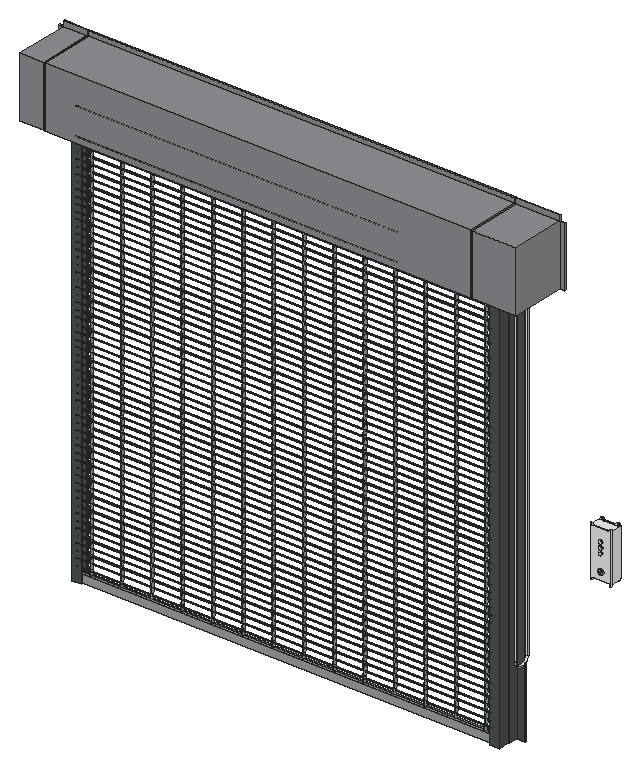
Revit family "Doors_Industrial_Overhead-Door-Corporation_EverServe-Springless-Security-Grilles-671S_", category Specialty Equipment, host Wall, Revit 2019
Family settings
  Host = Wall
  Round Connector Dimension = Use Diameter
  Part Type = Normal
  OmniClass Number = 23.30.10.21.34
  OmniClass Title = Industrial Doors
  Always vertical = Yes
  Cut with Voids When Loaded = Yes
  Shared = No
  Room Calculation Point = No
Parameters (values of type "208 volts, one phase, 60 Hz (208-240V range)")
  Warning Sign [instance] = if(Calculated Area > 683.00 SF, 1 = 1, 1 = 2)  # no
  Warning (Note) [instance] = if(Warning Sign, "The Door Area is out of the limit; please adjust accordingly. The maximum allowed area is 683 sq. ft.", if(Opening Height > 360", "Headroom Clearance Dimensions - out of the limits. Consult Factory", " "))  # " "
  Wall Thickness [instance] = 6"
  Voltage = 208 V
  True Opening Width [instance] = Clear Width  # 120"
  True Opening Height [instance] = Clear Height  # 120"
  Curtain Option [instance] = 1
  Slat Length [instance] = Clear Width + G Value * 2 - 1" / 2 * 2  # 126"
  Slat Height [instance] = 8"  # constant formula
  Curtain Option Real [instance] = if(Curtain Option < 2, 1, 2)  # 1
  Product Page URL = "https://www.overheaddoor.com/springless-security-grilles-671s"
  Power Factor = 1
  Powder Coat (Note) = "PowderGuard® Premium powder coat finish options are available in approximately 200 colors as well as custom matching to specification. PowderGuard® Textured finish, a thicker, more scratch resistant coat, is available in 11 colors providing enhanced scratch resistance as well as aiding in hiding the dirt and blemishes that often occur in commercial environments.​"  # constant formula
  Opening Width Real [instance] = if(Opening Width > Max Opening Width, Max Opening Width, if(Opening Width < Min Opening Width, Min Opening Width, Opening Width))  # 120"
  Opening Width [instance] = 120"
  Opening Height Real [instance] = if(Opening Height > Max Opening Height, Max Opening Height, if(Opening Height < Min Opening Height, Min Opening Height, Opening Height))  # 120"
  Opening Height [instance] = 120"
  One Array element [instance] = not(Array Vis)  # no
  Number of Poles = 1
  Motor Position [instance] = M Value - G Value  # 2 3/4"
  Min Opening Width [instance] = 18"  # constant formula
  Min Opening Height [instance] = 24"  # constant formula
  Max Opening Width [instance] = 360"  # constant formula
  Max Opening Height [instance] = 172"  # constant formula
  M Value [instance] = if(or(Opening Width < 108", Opening Width = 108"), 5 3/4", if(or(Opening Width < 180", Opening Width = 180"), 6 1/4", if(or(Opening Width < 240", Opening Width = 240"), 7 1/4", 9 1/4")))  # 6 1/4"
  Installation Real [instance] = Wall Thickness  # 6"
  Hood Type [instance] = "Square Hood"  # constant formula
  Hood Offset [instance] = 4"  # constant formula
  Hood Material [instance] = Metal - Overhead Door - Gray
  Hood Height [instance] = A Value + 2"  # 18"
  Headroom Height Real [instance] = Hood Offset + Hood Height  # 22"
  Headroom Height [instance] = Headroom Height Real + 1 1/2"  # 23 1/2"
  Guide Type [instance] = "Angled Z Guide"  # constant formula
  Guid Depth [instance] = D Value  # 6 1/4"
  G Value [instance] = if(or(Opening Width < 108", Opening Width = 108"), 3", if(or(Opening Width < 180", Opening Width = 180"), 3 1/2", if(or(Opening Width < 240", Opening Width = 240"), 4", 5 9/16")))  # 3 1/2"
  Frequency = 60 Hz
  Face of Wall Offset [instance] = 5"  # constant formula
  Door Width True [instance] = Clear Width + M Value * 2  # 132 1/2"
  Door Width (Real) [instance] = Clear Width + 1"  # 121"
  Door Height True [instance] = Clear Width + Headroom Height  # 143 1/2"
  Door Height (Real) [instance] = Clear Height + Hood Offset  # 124"
  URL = "https://www.overheaddoor.com/"
  Product data url = "https://www.bimobject.com/overhead-door/product/springless-security-grilles-671s"
  Product Guid = "0afe8b5e-bed1-4084-885f-62fec23f1598"
  Model = "671S"  # constant formula
  Manufacturer = "Overhead Door Corporation"  # constant formula
  Wall Closure = By host
  Floor To (CL) of Shaft [instance] = Clear Height + Hood Height / 2 + Hood Offset  # 133"
  Finish Material = Finish - Overhead Door - Black
  Description = "Everserve Model 671S Springless Grille"  # constant formula
  D Value [instance] = if(or(Opening Width < 108", Opening Width = 108"), 5 11/16", if(or(Opening Width < 180", Opening Width = 180"), 6 1/4", if(or(Opening Width < 240", Opening Width = 240"), 6 3/16", 7 1/16")))  # 6 1/4"
  Curtain Type [instance] = if(Curtain Option < 2, "Lattice", "Brick")  # "Lattice"
  Curtain Material Type [instance] = 671S : Aluminum
  Curtain Material 2 [instance] = 671S : Stainless Steel
  Curtain Material 1 [instance] = 671S : Aluminum
  Clear Width [instance] = Opening Width Real  # 120"
  Clear Height [instance] = Opening Height Real  # 120"
  Current = 20 A
  Bottom Bar Selection [instance] = if(Curtain Material Type = Curtain Material 1, 1, 2)  # 1
  Backroom Depth [instance] = A Value + 1/2"  # 16 1/2"
  BJ Displacement Real [instance] = 0"  # constant formula
  Array Vis [instance] = if(Array < 2, 1 = 2, 1 = 1)  # yes
  Array Real [instance] = if(Array < 2, 2, Array)  # 16
  Array Length [instance] = (Array) * Slat Height  # 128"
  Array [instance] = rounddown(([Door Height (Real)] - 3") / Slat Height) + 1  # 16
  Calculated Area [instance] = [Door Width (Real)] * [Door Height (Real)]  # 104.194 SF
  Apparent Load Phase 3 = if(Number of Poles = 1, 0 VA, (Voltage * Current * sqrt(3)) / 3)  # 0 VA
  Apparent Load Phase 2 = if(Number of Poles = 1, 0 VA, (Voltage * Current * sqrt(3)) / 3)  # 0 VA
  Apparent Load Phase 1 = if(Number of Poles = 1, Voltage * Current, (Voltage * Current * sqrt(3)) / 3)  # 4160 VA
  A Value [instance] = if(or(Clear Height < 72", Clear Height = 72"), 14", if(or(Clear Height < 120", Clear Height = 120"), 16", 18"))  # 16"
Reference planes (in)
  plane 1 "Center (Front/Back)": y = -14.625
  plane 2 "Center (Left/Right)": x = 0
  plane 3 "Left": x = -60
  plane 4 "Right": x = 60
  plane 5 "Exterior": y = -8.625
  plane 6 "Interior": y = -14.625
  plane 7: x = 66.25
  plane 8: x = -66.25
  plane 9: z = 120
  plane 10 "Main": y = -20.125
  plane 11 "Backroom Depth": y = -32.125
  plane 12 "Main Door Block": y = -15.625
  plane 13 "Bottom Bar": z = 2.75
  plane 14: y = -20.875
  plane 15: z = 130.75
  plane 16: z = 142
  plane 17: z = 124
  plane 18: z = 143.5
  plane 19: z = 0
  plane 20: z = 60
  plane 21: y = -20.03125
  plane 22: y = 18.375
  plane 23: y = -41.625
  plane 24 "Headroom Top": z = 143.5
  plane 25: z = 133
  plane 26: x = 63.5
  plane 27: x = -63.5
  plane 28: z = 122.75
  plane 29: z = 2.75
  plane 30: y = -20.125
  plane 31: z = 122.75
  plane 32: y = -20.125
  plane 33: z = 10.75
  plane 34: y = -20.125
  plane 35: z = 18.75
  plane 36: y = -20.125
  plane 37: z = 26.75
  plane 38: y = -20.125
  plane 39: z = 34.75
  plane 40: y = -20.125
  plane 41: z = 42.75
  plane 42: y = -20.125
  plane 43: z = 50.75
  plane 44: y = -20.125
  plane 45: z = 58.75
  plane 46: y = -20.125
  plane 47: z = 66.75
  plane 48: y = -20.125
  plane 49: z = 74.75
  plane 50: y = -20.125
  plane 51: z = 82.75
  plane 52: y = -20.125
  plane 53: z = 90.75
  plane 54: y = -20.125
  plane 55: z = 98.75
  plane 56: y = -20.125
  plane 57: z = 106.75
  plane 58: y = -20.125
  plane 59: z = 114.75
  plane 60: y = -20.125
Forms (in)
  Extrusion 1, void
    sketch origin (0, -15.625, 0) x (0, 0, -1) y (-1, 0, 0)
      loop
        line (-120, 60) -> (-120, -60) -> (0, -60) -> (0, 60) -> (-120, 60)
    from 1 to 7
Text (in)
  text "Exterior" at (-74.96733, 27.31104, 0), in view "Ref. Level"
  text "Interior" at (-74.96733, -25.14366, 0), in view "Ref. Level"
  text "Exterior" at (0, 40.15149, 123.01588), in view "Right"
  text "Interior" at (0, -64.39139, 123.01588), in view "Right"
  text "Interior" at (0, -31.01599, 123.00693), in view "Left"
  text "Exterior" at (0, 54.57065, 123.00693), in view "Left"
Dimensions and locks (in)
  equal spacing: plane 3 "Left", plane 2 "Center (Left/Right)", plane 4 "Right"
  "Clear Width": plane 3 "Left" to plane 4 "Right"
  level to host wall = 459.59655"
  "Clear Height": level to plane 9
  plane 7 to plane 8 = 132 1/2"
  equal spacing: plane 7, plane 2 "Center (Left/Right)", plane 8
  locked: plane 13 "Bottom Bar" to level at 2.75
  "Door Width True": plane 7 to plane 8
  "Array Length": plane 15 to plane 13 "Bottom Bar"
  "Backroom Depth": plane 11 "Backroom Depth" to plane 12 "Main Door Block"
  "Hood Height": plane 16 to plane 17
  locked: plane 18 to plane 16 at 1.5
  "Installation Real": plane 1 "Center (Front/Back)" to plane 5 "Exterior"
  "Wall Thickness": host wall to host wall
  equal spacing: plane 9, plane 20, plane 19
  equal spacing: plane 22, host wall, plane 23
  locked: plane 22 to plane 23 at 60
  "Hood Offset": plane 17 to plane 9
  "Headroom Height": plane 24 "Headroom Top" to plane 9
  "Floor To (CL) of Shaft": plane 25 to level
  "Motor Position": plane 7 to plane 26
  "Motor Position": plane 27 to plane 8
  "Guid Depth": plane 14 to plane 1 "Center (Front/Back)"
  "Slat Height": plane 15 to plane 28
  equal spacing: group 2, group 16, group 15, group 14, group 13, group 12, group 11, group 10, group 9, group 8, group 7, group 6, group 5, group 4, group 3, group 1  (x2)
  equal spacing: group 1, group 3, group 4, group 5, group 6, group 7, group 8, group 9, group 10, group 11, group 12, group 13, group 14, group 15, group 16, group 2
  locked: plane 14 to plane 10 "Main" at 0.75
  locked: plane 14 to plane 21 at 0.84375
  aligned and locked: plane 5 "Exterior" to host wall
  aligned and locked: host wall to plane 6 "Interior"
  aligned and locked: level to Extrusion 1 sketch curve
  aligned and locked: Extrusion 1 to plane 5 "Exterior"
  aligned and locked: plane 6 "Interior" to Extrusion 1
  aligned and locked: nested 1 to plane 2 "Center (Left/Right)"
  aligned and locked: nested 1 to level
  aligned and locked: level to plane 19
  aligned and locked: nested 1 to plane 1 "Center (Front/Back)"
  aligned and locked: plane 2 "Center (Left/Right)" to nested 2
  aligned and locked: nested 2 to plane 22
  aligned and locked: plane 23 to nested 3
  aligned and locked: nested 3 to plane 2 "Center (Left/Right)"
  aligned and locked: nested 4 to plane 20
  aligned and locked: plane 2 "Center (Left/Right)" to nested 4
  aligned and locked: nested 4 to plane 21
  aligned and locked: plane 4 "Right" to Extrusion 1 sketch curve
  aligned and locked: plane 3 "Left" to Extrusion 1 sketch curve
  aligned and locked: Extrusion 1 sketch curve to plane 9
  aligned and locked: plane 13 "Bottom Bar" to plane 29
  aligned and locked: plane 30 to plane 10 "Main"
  aligned and locked: plane 32 to plane 10 "Main"
  aligned and locked: plane 28 to plane 31
Nested families (in)
  nested 1: "Lifts" at (0, -14.625, 0), type "Frame Unit"
    with Square Hood yes, Round Hood no, Right Motor Position yes, Octagon Hood no, No Hood no
  nested 2: "Label Annotation 1" at (0, 18.375, 0), visible <- "Warning Sign", type "Label Annotation 1"
  nested 3: "Label Annotation 1" at (0, -41.625, 0) x (-1, 0, 0) z (0, 0, 1), visible <- "Warning Sign", type "Label Annotation 1"
  nested 4: "Warning Sign" at (0, -20.03125, 60), visible <- "Warning Sign", type "Warning Sign"
    with Warning Sign no
  nested 5: "671S" at (0, -20.125, 2.75), type <- "Curtain Material Type", Opening Width <- "Slat Length", Slat Option <- "Curtain Option Real", type "Aluminum"
    with Step H 9", Slat Option 1, SetBack 2", Second Rod Position 1.38", Overall Height 8.38", Opening Width 126", Lattice yes, First Rod Position 1", Brick End yes, Brick no, Array Visibility yes, Array Real 13, Array Length 117.16", Array 13, 1 Element Visibility no
  nested 6: "671S" at (0, -20.125, 122.75), type <- "Curtain Material Type", Opening Width <- "Slat Length", Slat Option <- "Curtain Option Real", type "Aluminum"
    with Step H 9", Slat Option 1, SetBack 2", Second Rod Position 1.38", Overall Height 8.38", Opening Width 126", Lattice yes, First Rod Position 1", Brick End yes, Brick no, Array Visibility yes, Array Real 13, Array Length 117.16", Array 13, 1 Element Visibility no
  nested 7: "671S" at (0, -20.125, 10.75), type <- "Curtain Material Type", Opening Width <- "Slat Length", Slat Option <- "Curtain Option Real", type "Aluminum"
    with Step H 9", Slat Option 1, SetBack 2", Second Rod Position 1.38", Overall Height 8.38", Opening Width 126", Lattice yes, First Rod Position 1", Brick End yes, Brick no, Array Visibility yes, Array Real 13, Array Length 117.16", Array 13, 1 Element Visibility no
  nested 8: "671S" at (0, -20.125, 18.75), type <- "Curtain Material Type", Opening Width <- "Slat Length", Slat Option <- "Curtain Option Real", type "Aluminum"
    with Step H 9", Slat Option 1, SetBack 2", Second Rod Position 1.38", Overall Height 8.38", Opening Width 126", Lattice yes, First Rod Position 1", Brick End yes, Brick no, Array Visibility yes, Array Real 13, Array Length 117.16", Array 13, 1 Element Visibility no
  nested 9: "671S" at (0, -20.125, 26.75), type <- "Curtain Material Type", Opening Width <- "Slat Length", Slat Option <- "Curtain Option Real", type "Aluminum"
    with Step H 9", Slat Option 1, SetBack 2", Second Rod Position 1.38", Overall Height 8.38", Opening Width 126", Lattice yes, First Rod Position 1", Brick End yes, Brick no, Array Visibility yes, Array Real 13, Array Length 117.16", Array 13, 1 Element Visibility no
  nested 10: "671S" at (0, -20.125, 34.75), type <- "Curtain Material Type", Opening Width <- "Slat Length", Slat Option <- "Curtain Option Real", type "Aluminum"
    with Step H 9", Slat Option 1, SetBack 2", Second Rod Position 1.38", Overall Height 8.38", Opening Width 126", Lattice yes, First Rod Position 1", Brick End yes, Brick no, Array Visibility yes, Array Real 13, Array Length 117.16", Array 13, 1 Element Visibility no
  nested 11: "671S" at (0, -20.125, 42.75), type <- "Curtain Material Type", Opening Width <- "Slat Length", Slat Option <- "Curtain Option Real", type "Aluminum"
    with Step H 9", Slat Option 1, SetBack 2", Second Rod Position 1.38", Overall Height 8.38", Opening Width 126", Lattice yes, First Rod Position 1", Brick End yes, Brick no, Array Visibility yes, Array Real 13, Array Length 117.16", Array 13, 1 Element Visibility no
  nested 12: "671S" at (0, -20.125, 50.75), type <- "Curtain Material Type", Opening Width <- "Slat Length", Slat Option <- "Curtain Option Real", type "Aluminum"
    with Step H 9", Slat Option 1, SetBack 2", Second Rod Position 1.38", Overall Height 8.38", Opening Width 126", Lattice yes, First Rod Position 1", Brick End yes, Brick no, Array Visibility yes, Array Real 13, Array Length 117.16", Array 13, 1 Element Visibility no
  nested 13: "671S" at (0, -20.125, 58.75), type <- "Curtain Material Type", Opening Width <- "Slat Length", Slat Option <- "Curtain Option Real", type "Aluminum"
    with Step H 9", Slat Option 1, SetBack 2", Second Rod Position 1.38", Overall Height 8.38", Opening Width 126", Lattice yes, First Rod Position 1", Brick End yes, Brick no, Array Visibility yes, Array Real 13, Array Length 117.16", Array 13, 1 Element Visibility no
  nested 14: "671S" at (0, -20.125, 66.75), type <- "Curtain Material Type", Opening Width <- "Slat Length", Slat Option <- "Curtain Option Real", type "Aluminum"
    with Step H 9", Slat Option 1, SetBack 2", Second Rod Position 1.38", Overall Height 8.38", Opening Width 126", Lattice yes, First Rod Position 1", Brick End yes, Brick no, Array Visibility yes, Array Real 13, Array Length 117.16", Array 13, 1 Element Visibility no
  nested 15: "671S" at (0, -20.125, 74.75), type <- "Curtain Material Type", Opening Width <- "Slat Length", Slat Option <- "Curtain Option Real", type "Aluminum"
    with Step H 9", Slat Option 1, SetBack 2", Second Rod Position 1.38", Overall Height 8.38", Opening Width 126", Lattice yes, First Rod Position 1", Brick End yes, Brick no, Array Visibility yes, Array Real 13, Array Length 117.16", Array 13, 1 Element Visibility no
  nested 16: "671S" at (0, -20.125, 82.75), type <- "Curtain Material Type", Opening Width <- "Slat Length", Slat Option <- "Curtain Option Real", type "Aluminum"
    with Step H 9", Slat Option 1, SetBack 2", Second Rod Position 1.38", Overall Height 8.38", Opening Width 126", Lattice yes, First Rod Position 1", Brick End yes, Brick no, Array Visibility yes, Array Real 13, Array Length 117.16", Array 13, 1 Element Visibility no
  nested 17: "671S" at (0, -20.125, 90.75), type <- "Curtain Material Type", Opening Width <- "Slat Length", Slat Option <- "Curtain Option Real", type "Aluminum"
    with Step H 9", Slat Option 1, SetBack 2", Second Rod Position 1.38", Overall Height 8.38", Opening Width 126", Lattice yes, First Rod Position 1", Brick End yes, Brick no, Array Visibility yes, Array Real 13, Array Length 117.16", Array 13, 1 Element Visibility no
  nested 18: "671S" at (0, -20.125, 98.75), type <- "Curtain Material Type", Opening Width <- "Slat Length", Slat Option <- "Curtain Option Real", type "Aluminum"
    with Step H 9", Slat Option 1, SetBack 2", Second Rod Position 1.38", Overall Height 8.38", Opening Width 126", Lattice yes, First Rod Position 1", Brick End yes, Brick no, Array Visibility yes, Array Real 13, Array Length 117.16", Array 13, 1 Element Visibility no
  nested 19: "671S" at (0, -20.125, 106.75), type <- "Curtain Material Type", Opening Width <- "Slat Length", Slat Option <- "Curtain Option Real", type "Aluminum"
    with Step H 9", Slat Option 1, SetBack 2", Second Rod Position 1.38", Overall Height 8.38", Opening Width 126", Lattice yes, First Rod Position 1", Brick End yes, Brick no, Array Visibility yes, Array Real 13, Array Length 117.16", Array 13, 1 Element Visibility no
  nested 20: "671S" at (0, -20.125, 114.75), type <- "Curtain Material Type", Opening Width <- "Slat Length", Slat Option <- "Curtain Option Real", type "Aluminum"
    with Step H 9", Slat Option 1, SetBack 2", Second Rod Position 1.38", Overall Height 8.38", Opening Width 126", Lattice yes, First Rod Position 1", Brick End yes, Brick no, Array Visibility yes, Array Real 13, Array Length 117.16", Array 13, 1 Element Visibility no
Connectors (in)
  electrical at (91.25, -17.915, 60), driven by "Apparent Load Phase 1", driven by "Apparent Load Phase 2", driven by "Apparent Load Phase 3", driven by "Power Factor", driven by "Voltage", driven by "Number of Poles"
    settings: on nested 1, index 1, voltage 208 V, apparent load 0 VA, apparent load phase1 4160 VA, apparent load phase2 0 VA, apparent load phase3 0 VA, power factor 1, load classification "Other", number of poles 1, system type 31, power factor state 1, is connector primary yes, connector utility no, sub classification motor no, connector description "Electrical Connector"
Definition of nested family "Lifts"
  Parameters (values of type "Frame Unit")
    True Width = if(Between Jambs, Opening Width, Opening Width + 1/2")  # 120 1/2"
    Square Hood [instance] = if(Hood Option = 2, 1 = 1, 1 = 2)  # yes
    Slat Material2 = none
    Slat Material1 = none
    Slat 2 = not(Slat 1)  # no
    Slat 1 = BB V = 1  # yes
    Round Hood [instance] = if(Hood Option > 3, 1 = 1, 1 = 2)  # no
    Rough Width = 0"
    Rough Height = 0"
    Right Motor Position [instance] = yes
    Octagon Hood [instance] = if(Hood Option = 3, 1 = 1, 1 = 2)  # no
    No Hood [instance] = if(Hood Option < 2, 1 = 1, 1 = 2)  # no
    M Value = 6 1/4"
    Hood Type = if(Hood Option < 2, "No Hood", if(Hood Option = 2, "Square Hood", if(Hood Option = 3, "Octagon Hood", "Round Hood")))  # "Square Hood"
    Hood Option = 2
    Hood Offset = 4"
    Hood Height = Headroom Height Real - Hood Offset  # 18"
    Headroom Height Real = Headroom Height  # 22"
    Half Hood Height = Headroom Height - Hood Offset  # 18"
    G Value = 3 1/2"
    E Guide Width = if(Between Jambs, Guide Offset - G Value + BJ Connection Length - BJ Displacement * 2 / 3, 3")  # 3"
    E Guide Height = 3"  # constant formula
    Z Guide = 1 = 1  # yes
    Shaft Offset = if(Hood Height < Header Width, (Header Width - (Header Width - Hood Height)) / 2, Header Width / 2)  # 8 1/4"
    Shaft Length 2 = 18"  # constant formula
    Shaft Length 1 = 12"  # constant formula
    Setback = if(Between Jambs, 0", 1/2")  # 1/2"
    Opening Width = 120"
    Hood Material = none
    Headroom Height = 22"
    Header Width = 16 1/2"
    Opening Height = 120"
    Guide Type = if(Between Jambs, "Angled Between Jambs Z Guide", if(Guide Option > 1, "Angled Z Guide", "Angled E Guide"))  # "Angled Z Guide"
    Guide Option = if(Between Jambs, 1, 2)  # 2
    Guide Offset = BJ Displacement + G Value  # 3 1/2"
    Guide Z Wide = if(Between Jambs, Guide Offset - G Value + BJ Connection Length - BJ Displacement * 2 / 3, M Value - G Value)  # 2 3/4"
    Guide Z Height = 3"  # constant formula
    Floor To (CL) of Shaft = 133"
    Finish Material = none
    Face to Wall Mount = not(Between Jambs)  # yes
    E Guide = if(Between Jambs, 1 = 1, 1 = 2)  # no
    D Value = 6 1/4"
    Chain offset = if(Opening Height < 35", Opening Height - 5", 30")  # 30"
    Between Jambs = no
    BJ Position = if(Between Jambs, 1/4", 0")  # 0"
    BJ Displacement = 0"
    BJ Connection Length = 1 / 3 * BJ Displacement  # 0"
    BB V = 1
    Angled Guide = 1 = 1  # yes
    Additional Elements Material = none
    1 = 14.57"  # constant formula
  Reference planes (in)
    plane 1 "Center (Front/Back)": y = 0
    plane 2: z = 0
    plane 3 "Center (Left/Right)": x = 0
    plane 4 "Opening Height": z = 120
    plane 5: x = -72
    plane 6: x = 78
    plane 7: z = 142
    plane 8: y = 16.5
    plane 9 "Real Opening 2": x = -60
    plane 10 "Real Opening 1": x = 60
    plane 11: z = 124
    plane 12 "Main": y = 0
    plane 13: z = 133
    plane 14: x = 63.5
    plane 15: x = -63.5
    plane 16: x = -63.5
    plane 17: x = 63.5
    plane 18: y = 6.25
    plane 19: x = -63.25
    plane 20: x = 63.25
    plane 21: z = 143.5
    plane 22: y = 6.25
    plane 23: y = 5.125
    plane 24: y = 6.25
    plane 25: y = 5.125
    plane 26: y = 0.25
    plane 27: z = 124
    plane 28: z = 30
    plane 29: z = 0
    plane 30: x = 74
    plane 31: x = 91.25
    plane 32: z = 60
    plane 33: x = 88.2
    plane 34: x = 94.3
    plane 35: y = 3.54
    plane 36: x = 76.25
    plane 37: x = -70.25
    plane 38: y = 6.25
    plane 39: y = 5.125
    plane 40: y = 6.25
    plane 41: y = 5.125
  Forms (in)
    Extrusion 1, solid, material <- "Slat Material1", visible <- "Slat 1"
      sketch origin (0, 0, 0) x (0, 1, 0) y (0, 0, 1)
        loop
          line (5.4375, 2.375) -> (5.4375, 2.75) -> (4.8125, 2.75) -> (4.8125, 2.375) -> (5.4375, 2.375)
      from -63.25 to 63.25
    Extrusion 2, solid, material <- "Slat Material1", visible <- "Slat 1"
      sketch origin (0, 0, 0) x (0, 1, 0) y (0, 0, 1)
        loop
          line (5.4375, 2.375) -> (4.8125, 2.375) -> (4.8125, 0) -> (5.4375, 0) -> (5.4375, 2.375)
      from -63.25 to 63.25
    Extrusion 3, solid, material <- "Additional Elements Material"
      sketch origin (0, -5.35201, 0) x (0, 1, 0) y (0, 0, 1)
        loop
          circle (13.60201, 133) r 0.6
      from -70.25 to 76.25
    Extrusion 4, solid, material <- "Hood Material", visible <- "Square Hood"
      sketch origin (0, 0, 0) x (0, 1, 0) y (0, 0, 1)
        loop
          line (0, 124) -> (16.5, 124) -> (16.5, 143.5) -> (0, 143.5) -> (0, 124)
      from -63.25 to 63.25
    Extrusion 5, solid, material <- "Finish Material", visible <- "E Guide"
      sketch origin (0, 0, 0) x (1, 0, 0) y (0, 1, 0)
        loop
          line (60.5, 0) -> (63.5, 0) -> (63.5, 3) -> (63.4375, 3)
          arc (63.4375, 3) -> (63.30492, 2.94508) -> (63.25, 2.8125) r 0.1875
          line (63.25, 2.8125) -> (63.25, 0.25) -> (60.6875, 0.25)
          arc (60.6875, 0.25) -> (60.55492, 0.19508) -> (60.5, 0.0625) r 0.1875
          line (60.5, 0.0625) -> (60.5, 0)
        loop
          line (-60.5, 0) -> (-60.5, 0.0625)
          arc (-60.5, 0.0625) -> (-60.55492, 0.19508) -> (-60.6875, 0.25) r 0.1875
          line (-60.6875, 0.25) -> (-63.25, 0.25) -> (-63.25, 2.8125)
          arc (-63.25, 2.8125) -> (-63.30492, 2.94508) -> (-63.4375, 3) r 0.1875
          line (-63.4375, 3) -> (-63.5, 3) -> (-63.5, 0) -> (-60.5, 0)
      from 0 to 124
    Extrusion 6, solid, material <- "Finish Material", visible <- "Z Guide"
      sketch origin (0, 0, 0) x (1, 0, 0) y (0, 1, 0)
        loop
          line (66.25, 0) -> (66.25, 0.062)
          arc (66.25, 0.062) -> (66.19494, 0.19494) -> (66.062, 0.25) r 0.188
          line (66.062, 0.25) -> (63.75, 0.25) -> (63.75, 2.812)
          arc (63.75, 2.812) -> (63.69494, 2.94494) -> (63.562, 3) r 0.188
          line (63.562, 3) -> (63.5, 3) -> (63.5, 0) -> (66.25, 0)
        loop
          line (-66.25, 0) -> (-63.5, 0) -> (-63.5, 3) -> (-63.562, 3)
          arc (-63.562, 3) -> (-63.69494, 2.94494) -> (-63.75, 2.812) r 0.188
          line (-63.75, 2.812) -> (-63.75, 0.25) -> (-66.062, 0.25)
          arc (-66.062, 0.25) -> (-66.19494, 0.19494) -> (-66.25, 0.062) r 0.188
          line (-66.25, 0.062) -> (-66.25, 0)
      from 0 to 124
    Extrusion 7, solid, material <- "Finish Material", visible <- "Angled Guide"
      sketch origin (0, 0, 0) x (1, 0, 0) y (0, 1, 0)
        loop
          line (60.5, 6.25) -> (60.5, 6.187)
          arc (60.5, 6.187) -> (60.55477, 6.05477) -> (60.687, 6) r 0.187
          line (60.687, 6) -> (63.25, 6) -> (63.25, 4.25) -> (60.5, 4.25) -> (60.5, 4.187)
          arc (60.5, 4.187) -> (60.55477, 4.05477) -> (60.687, 4) r 0.187
          line (60.687, 4) -> (63, 4) -> (63, 2.3125) -> (63.25, 2.3125) -> (63.25, 2) -> (63.5, 2) -> (63.5, 6.25) -> (60.5, 6.25)
        loop
          line (-60.5, 6.25) -> (-63.5, 6.25) -> (-63.5, 2) -> (-63.25, 2) -> (-63.25, 2.3125) -> (-63, 2.3125) -> (-63, 4) -> (-60.687, 4)
          arc (-60.687, 4) -> (-60.55477, 4.05477) -> (-60.5, 4.187) r 0.187
          line (-60.5, 4.187) -> (-60.5, 4.25) -> (-63.25, 4.25) -> (-63.25, 6) -> (-60.687, 6)
          arc (-60.687, 6) -> (-60.55477, 6.05477) -> (-60.5, 6.187) r 0.187
          line (-60.5, 6.187) -> (-60.5, 6.25)
      from 0 to 124
    Extrusion 8, solid, material <- "Hood Material"
      sketch origin (0, 0, 0) x (-1, 0, 0) y (0, 0, 1)
        loop
          line (63.25, 124) -> (63.5, 124) -> (63.5, 142) -> (63.25, 142) -> (63.25, 124)
        loop
          line (-63.5, 124) -> (-63.25, 124) -> (-63.25, 142) -> (-63.5, 142) -> (-63.5, 124)
      from 0 to 16.5
    Extrusion 9, solid, material <- "Hood Material"
      sketch origin (0, 0, 0) x (1, 0, 0) y (0, 1, 0)
        loop
          line (-72, 0) -> (-63.5, 0) -> (-63.5, 16.5) -> (-72, 16.5) -> (-72, 0)
        loop
          line (78, 0) -> (78, 16.5) -> (63.5, 16.5) -> (63.5, 0) -> (78, 0)
      from 124 to 143.5
    Extrusion 10, void
      sketch origin (0, 0, 0) x (1, 0, 0) y (0, 0, 1)
        loop
          line (-72, 143.5) -> (-72, 124) -> (-70.5, 124) -> (-70.5, 142) -> (76.5, 142) -> (76.5, 120) -> (78, 120) -> (78, 143.5) -> (-72, 143.5)
      from -0.25 to -16.5
    Extrusion 11, void
      sketch origin (0, 0, 0) x (1, 0, 0) y (0, 0, 1)
        loop
          line (-72, 142) -> (-70.5, 142) -> (-70.5, 143.5) -> (-72, 143.5) -> (-72, 142)
        loop
          line (78, 142) -> (78, 143.5) -> (76.5, 143.5) -> (76.5, 142) -> (78, 142)
      from 0 to -0.25
    Sweep 12, solid, material <- "Additional Elements Material"
      path origin (74, -12.75, 1000) x (0, -1, 0) y (0, 0, 1)
        loop
          line (-26.53866, -876) -> (-26.53866, -970)
          arc (-26.53866, -970) -> (-24.10116, -972.4375) -> (-21.66366, -970) r 2.4375
          line (-21.66366, -970) -> (-21.66366, -876)
      profile origin (74, 13.78866, 77) x (-1, 0, 0) y (0, -1, 0)
        loop
          circle (0, 0.2675) r 0.2675
    Extrusion 13, solid, material <- "Additional Elements Material"
      sketch origin (91.25, 0, 60) x (1, 0, 0) y (0, 0, 1)
        loop
          line (-3.05, 6.9501) -> (-3.05, -6.9501) -> (-2.68608, -7.50057)
          arc (-2.68608, -7.50057) -> (-2.29289, -7.67009) -> (-1.98022, -7.37757) r 0.3909
          arc (-1.98022, -7.37757) -> (-1.82768, -7.14063) -> (-1.56135, -7.04853) r 0.43113
          line (-1.56135, -7.04853) -> (1.56135, -7.04853)
          arc (1.56135, -7.04853) -> (1.82768, -7.14063) -> (1.98022, -7.37757) r 0.43113
          arc (1.98022, -7.37757) -> (2.29289, -7.67009) -> (2.68608, -7.50057) r 0.3909
          line (2.68608, -7.50057) -> (3.05, -6.9501) -> (3.05, 6.9501) -> (2.68608, 7.50057)
          arc (2.68608, 7.50057) -> (2.29289, 7.67009) -> (1.98022, 7.37757) r 0.3909
          arc (1.98022, 7.37757) -> (1.82768, 7.14063) -> (1.56135, 7.04853) r 0.43113
          line (1.56135, 7.04853) -> (-1.56135, 7.04853)
          arc (-1.56135, 7.04853) -> (-1.82768, 7.14063) -> (-1.98022, 7.37757) r 0.43113
          arc (-1.98022, 7.37757) -> (-2.29289, 7.67009) -> (-2.68608, 7.50057) r 0.3909
          line (-2.68608, 7.50057) -> (-3.05, 6.9501)
      from 0 to -3.29
    Extrusion 14, solid, material <- "Additional Elements Material"
      sketch origin (91.25, 0, 60) x (1, 0, 0) y (0, 0, 1)
        loop
          line (3.05, -7.50057) -> (3.05, 7.50057) -> (2.68608, 7.50057) -> (2.68608, 6.9501) -> (-2.68608, 6.9501) -> (-2.68608, 7.50057) -> (-3.05, 7.50057) -> (-3.05, -7.50057) -> (-2.68608, -7.50057) -> (-2.68608, -6.9501) -> (2.68608, -6.9501) -> (2.68608, -7.50057) -> (3.05, -7.50057)
      from -3.54 to -3.29
    Extrusion 15, void
      sketch origin (100.25, 0, 60) x (0, -1, 0) y (0, 0, -1)
        loop
          line (-3.29, -7.6759) -> (-0.25, -7.6759) -> (-0.25, -6.9501) -> (-3.29, -6.9501) -> (-3.29, -7.6759)
        loop
          line (-3.29, 7.6759) -> (-3.29, 6.9501) -> (-0.25, 6.9501) -> (-0.25, 7.6759) -> (-3.29, 7.6759)
      from -12.05 to -5.95
    Extrusion 16, solid, material <- "Additional Elements Material"
      sketch origin (91.25, 0, 60) x (1, 0, 0) y (0, 0, 1)
        loop
          circle (0, -4.5) r 0.75
        loop
          circle (0, 3.35363) r 0.5
        loop
          circle (0, 1.85363) r 0.5
        loop
          circle (0, 0.35363) r 0.5
      from -3.54 to -3.66
    Extrusion 17, solid, material <- "Additional Elements Material"
      sketch origin (91.25, 0, 59.5) x (1, 0, 0) y (0, 0, 1)
        loop
          line (-0.6134, -3.85528) -> (-0.6134, -4.14472) -> (1.1366, -4.14472) -> (1.1366, -3.85528) -> (-0.6134, -3.85528)
      from -3.66 to -4.03743
    Extrusion 18, solid, material <- "Slat Material2", visible <- "Slat 2"
      sketch origin (0, 3.11593, 0) x (0, 1, 0) y (0, 0, 1)
        loop
          line (2.32157, 2.375) -> (2.32157, 2.75) -> (1.69657, 2.75) -> (1.69657, 2.375) -> (2.32157, 2.375)
      from -63.25 to 63.25
    Extrusion 19, solid, material <- "Slat Material2", visible <- "Slat 2"
      sketch origin (0, 3.11593, 0) x (0, 1, 0) y (0, 0, 1)
        loop
          line (2.32157, 2.375) -> (1.69657, 2.375) -> (1.69657, 0) -> (2.32157, 0) -> (2.32157, 2.375)
      from -63.25 to 63.25
  Cuts and joins
    Extrusion 10, Extrusion 11 cuts Extrusion 9
    Extrusion 10 cuts Extrusion 4
    Extrusion 15 cuts Extrusion 13
  Lines and regions (in)
    Masking region 1
      outline origin (0, 0, 0) x (1, 0, 0) y (0, 1, 0)
        loop
          line (-63.5, 16.5) -> (-63.5, 0) -> (63.5, 0) -> (63.5, 16.5) -> (-63.5, 16.5)
    Masking region 2
      outline origin (0, 0, 0) x (1, 0, 0) y (0, 1, 0)
        loop
          line (63.5, 0) -> (78, 0) -> (78, 0.25) -> (76.5, 0.25) -> (76.5, 16.5) -> (63.5, 16.5) -> (63.5, 0)
        loop
          line (-63.5, 0) -> (-63.5, 16.5) -> (-70.5, 16.5) -> (-70.5, 0.25) -> (-72, 0.25) -> (-72, 0) -> (-63.5, 0)
    Masking region 3
      outline origin (0, 0, 0) x (1, 0, 0) y (0, 1, 0)
        loop
          line (88.2, 3.54) -> (88.2, 0) -> (94.3, 0) -> (94.3, 3.54) -> (88.2, 3.54)
    Masking region 4
      outline origin (91.25, 0, 60) x (0, -1, 0) y (1, 0, 0)
        loop
          line (-3.54, -0.75) -> (-3.54, 0.75) -> (-3.66, 0.75) -> (-3.66, 1.1366) -> (-4.03743, 1.1366) -> (-4.03743, -0.6134) -> (-3.66, -0.6134) -> (-3.66, -0.75) -> (-3.54, -0.75)
    symbolic lines
      curve 1: line (-63.25, 0, 0) -> (-63.25, 16.5, 0)
      curve 2: line (63.25, 16.5, 0) -> (63.25, 0, 0)
      curve 4: line (-72, 0.25, 0) -> (78, 0.25, 0)
      curve 6: line (88.2, 3.29, 0) -> (94.3, 3.29, 0)
      curve 7: line (88.2, 0.25, 0) -> (94.3, 0.25, 0)
      curve 8: line (90.5, 3.66, 60) -> (92.3866, 3.66, 60)
    symbolic lines, visible <- "Octagon Hood"
      curve 3: line (-63.25, 12.69239, 0) -> (63.25, 12.69239, 0)
    reference lines
      curve 5: line (91.25, 0, 60) -> (100.25, 0, 60)
  Dimensions and locks (in)
    Extrusion 1 sketch curve to level = 2 3/8"
    locked: Extrusion 1 sketch curve to Extrusion 1 sketch curve at 0.625
    locked: Extrusion 2 sketch curve to level at 2.375
    "Headroom Height Real": plane 7 to plane 4 "Opening Height"
    plane 8 to plane 1 "Center (Front/Back)" = 16 1/2"
    "Opening Height": plane 4 "Opening Height" to level
    "Hood Offset": plane 11 to plane 4 "Opening Height"
    "BJ Position": plane 12 "Main" to plane 1 "Center (Front/Back)"
    "Header Width": plane 12 "Main" to plane 8
    "Floor To (CL) of Shaft": plane 13 to level
    "Shaft Offset": Extrusion 3 sketch curve to plane 8
    locked: Extrusion 2 sketch curve to Extrusion 2 sketch curve at 0.625
    "Guide Offset": plane 10 "Real Opening 1" to plane 14
    "Guide Offset": plane 15 to plane 9 "Real Opening 2"
    locked: Extrusion 5 sketch curve to Extrusion 5 sketch curve at 0.25  (x4)
    "E Guide Height": Extrusion 5 sketch curve to Extrusion 5 sketch curve  (x2)
    "E Guide Width": Extrusion 5 sketch curve to Extrusion 5 sketch curve  (x2)
    locked: Extrusion 6 sketch curve to Extrusion 6 sketch curve at 0.25  (x4)
    "Guide Z Wide": Extrusion 6 sketch curve to Extrusion 6 sketch curve  (x2)
    "Guide Z Height": Extrusion 6 sketch curve to Extrusion 6 sketch curve  (x2)
    locked: Extrusion 7 sketch curve to Extrusion 7 sketch curve at 0.25  (x8)
    locked: Extrusion 7 sketch curve to Extrusion 7 sketch curve at 2.25  (x2)
    locked: Extrusion 7 sketch curve to Extrusion 7 sketch curve at 4.25  (x2)
    locked: Extrusion 7 sketch curve to Extrusion 7 sketch curve at 0.3125  (x2)
    "Setback": plane 10 "Real Opening 1" to Extrusion 7 sketch curve
    "Setback": Extrusion 7 sketch curve to plane 9 "Real Opening 2"
    equal spacing: plane 15, plane 3 "Center (Left/Right)", plane 14
    "G Value": Extrusion 6 sketch curve to plane 9 "Real Opening 2"
    "G Value": plane 10 "Real Opening 1" to Extrusion 6 sketch curve
    "G Value": plane 10 "Real Opening 1" to plane 17
    "G Value": plane 16 to plane 9 "Real Opening 2"
    "Shaft Length 1": plane 5 to plane 9 "Real Opening 2"
    "Shaft Length 2": plane 6 to plane 10 "Real Opening 1"
    locked: Extrusion 2 to plane 17 at 0.25
    locked: Extrusion 2 to plane 16 at 0.25
    locked: plane 16 to plane 19 at 0.25
    locked: plane 20 to plane 17 at 0.25
    equal spacing: plane 9 "Real Opening 2", plane 3 "Center (Left/Right)", plane 10 "Real Opening 1"
    "Opening Width": plane 9 "Real Opening 2" to plane 10 "Real Opening 1"
    locked: plane 21 to plane 7 at 1.5
    "D Value": plane 1 "Center (Front/Back)" to plane 18
    "D Value": plane 22 to plane 1 "Center (Front/Back)"
    locked: plane 22 to plane 23 at 1.125
    equal spacing: Extrusion 1 sketch curve, plane 23, Extrusion 1 sketch curve
    "D Value": plane 24 to plane 1 "Center (Front/Back)"
    locked: plane 24 to plane 25 at 1.125
    equal spacing: Extrusion 2 sketch curve, plane 25, Extrusion 2 sketch curve
    "G Value": plane 10 "Real Opening 1" to Extrusion 7 sketch curve
    "G Value": Extrusion 7 sketch curve to plane 9 "Real Opening 2"
    locked: Extrusion 10 sketch curve to Extrusion 10 sketch curve at 1.5  (x2)
    locked: plane 26 to plane 12 "Main" at 0.25
    locked: Extrusion 11 sketch curve to Extrusion 11 sketch curve at 1.5  (x2)
    "Chain offset": plane 28 to plane 29
    locked: plane 30 to plane 6 at 4
    locked: plane 20 to plane 31 at 28
    locked: plane 32 to level at 60
    locked: curve 5 to curve 5 at 9
    plane 1 "Center (Front/Back)" to plane 35 = 3.54"
    equal spacing: plane 33, plane 31, plane 34
    locked: plane 33 to plane 34 at 6.1
    locked: plane 5 to plane 37 at 1.75
    locked: plane 36 to plane 6 at 1.75
    locked: Extrusion 18 sketch curve to Extrusion 18 sketch curve at 0.625
    locked: Extrusion 19 sketch curve to Extrusion 19 sketch curve at 0.625
    locked: plane 38 to plane 39 at 1.125
    equal spacing: Extrusion 18 sketch curve, plane 39, Extrusion 18 sketch curve
    locked: plane 40 to plane 41 at 1.125
    equal spacing: Extrusion 19 sketch curve, plane 41, Extrusion 19 sketch curve
    locked: Extrusion 19 sketch curve to Extrusion 19 sketch curve at 2.375
    locked: Extrusion 18 sketch curve to Extrusion 18 sketch curve at 0.375
    locked: Extrusion 18 sketch curve to level at 2.375
    "D Value": plane 12 "Main" to plane 40
    "D Value": plane 12 "Main" to plane 38
    radius of Extrusion 5 sketch curve = 3/16"  (x4)
    radius of Extrusion 6 sketch curve = 0.188"  (x4)
    locked: Extrusion 7 sketch curve to Extrusion 7 sketch curve (radius 0.187")  (x4)
    aligned and locked: plane 2 to level
    aligned and locked: Extrusion 4 sketch curve to plane 8
    aligned and locked: plane 13 to Extrusion 3 sketch curve
    aligned and locked: plane 12 "Main" to Extrusion 5 sketch curve  (x2)
    aligned and locked: Extrusion 5 sketch curve to plane 14
    aligned and locked: plane 15 to Extrusion 5 sketch curve
    aligned and locked: Extrusion 6 sketch curve to plane 1 "Center (Front/Back)"  (x2)
    aligned and locked: Extrusion 7 sketch curve to Extrusion 7 sketch curve  (x4)
    aligned and locked: plane 18 to Extrusion 7 sketch curve
    aligned and locked: Extrusion 7 sketch curve to plane 18
    aligned and locked: plane 12 "Main" to Extrusion 4 sketch curve
    aligned and locked: Extrusion 8 sketch curve to plane 11  (x2)
    aligned and locked: Extrusion 8 sketch curve to plane 7  (x2)
    aligned and locked: plane 16 to Extrusion 8 sketch curve
    aligned and locked: Extrusion 8 sketch curve to plane 17
    aligned and locked: Masking region 1 sketch curve to Extrusion 4
    aligned and locked: Masking region 1 to curve 2  (x2)
    aligned and locked: Masking region 1 to curve 1  (x2)
    aligned and locked: Extrusion 2 to Extrusion 1
    aligned and locked: Extrusion 1 to Extrusion 2
    aligned and locked: Masking region 1 to plane 16
    aligned and locked: Masking region 1 to plane 17
    aligned and locked: plane 19 to Extrusion 8 sketch curve
    aligned and locked: plane 20 to Extrusion 8 sketch curve
    aligned and locked: plane 19 to Extrusion 4
    aligned and locked: Extrusion 4 to plane 20
    aligned and locked: plane 8 to Extrusion 8
    aligned and locked: plane 19 to curve 3
    aligned and locked: plane 20 to curve 3
    aligned and locked: Extrusion 4 sketch curve to plane 11
    aligned and locked: Extrusion 6 to plane 11
    aligned and locked: plane 11 to Extrusion 5
    aligned and locked: plane 11 to Extrusion 7
    aligned and locked: Extrusion 9 sketch curve to plane 5
    aligned and locked: plane 16 to Extrusion 9 sketch curve
    aligned and locked: plane 1 "Center (Front/Back)" to Extrusion 9 sketch curve
    aligned and locked: Extrusion 9 sketch curve to plane 8  (x2)
    aligned and locked: Extrusion 9 sketch curve to plane 6
    aligned and locked: Extrusion 9 sketch curve to plane 14
    aligned and locked: Extrusion 9 sketch curve to plane 1 "Center (Front/Back)"
    aligned and locked: Extrusion 9 to plane 11
    aligned and locked: Extrusion 9 to plane 21
    aligned and locked: Extrusion 10 sketch curve to plane 21
    aligned and locked: Extrusion 10 sketch curve to plane 7
    aligned and locked: Extrusion 10 sketch curve to plane 5
    aligned and locked: Extrusion 10 sketch curve to plane 6
    aligned and locked: Extrusion 10 sketch curve to plane 11
    aligned and locked: Extrusion 10 sketch curve to plane 4 "Opening Height"
    aligned and locked: Extrusion 10 to plane 8
    aligned and locked: Extrusion 10 to plane 26
    aligned and locked: Extrusion 4 sketch curve to plane 21
    aligned and locked: Extrusion 11 sketch curve to plane 5
    aligned and locked: Extrusion 11 sketch curve to plane 6
    aligned and locked: Extrusion 11 sketch curve to plane 7
    aligned and locked: Extrusion 11 sketch curve to plane 21
    aligned and locked: plane 21 to Extrusion 11 sketch curve
    aligned and locked: plane 7 to Extrusion 11 sketch curve
    aligned and locked: plane 26 to Extrusion 11
    aligned and locked: Extrusion 11 to plane 1 "Center (Front/Back)"
    aligned and locked: Masking region 2 sketch curve to plane 14
    aligned and locked: Masking region 2 sketch curve to cut or joined group of Extrusion 9, Extrusion 10, Extrusion 11  (x5)
    aligned and locked: cut or joined group of Extrusion 9, Extrusion 10, Extrusion 11 to Masking region 2 sketch curve
    aligned and locked: Masking region 2 sketch curve to plane 6
    aligned and locked: plane 16 to Masking region 2 sketch curve
    aligned and locked: Masking region 2 sketch curve to plane 26
    aligned and locked: Masking region 2 sketch curve to plane 5
    aligned and locked: plane 1 "Center (Front/Back)" to Masking region 2 sketch curve
    aligned and locked: curve 4 to plane 26
    aligned and locked: plane 5 to curve 4
    aligned and locked: plane 27 to Sweep 12 sketch curve  (x2)
    aligned and locked: plane 28 to Sweep 12 sketch curve  (x2)
    aligned and locked: plane 11 to plane 27
    aligned and locked: level to plane 29
    aligned and locked: plane 31 to curve 5
    aligned and locked: curve 5 to plane 32
    aligned and locked: Extrusion 3 to plane 36
    aligned and locked: plane 37 to Extrusion 3
    aligned and locked: plane 35 to Masking region 3
    aligned and locked: plane 1 "Center (Front/Back)" to Extrusion 13
    aligned and locked: Extrusion 13 sketch curve to plane 34
    aligned and locked: Extrusion 13 sketch curve to plane 33
    aligned and locked: plane 34 to Masking region 3 sketch curve
    aligned and locked: Masking region 3 sketch curve to plane 33
    aligned and locked: Masking region 3 sketch curve to plane 35
    aligned and locked: plane 33 to Extrusion 15
    aligned and locked: Extrusion 15 to plane 34
    aligned and locked: plane 33 to curve 6
    aligned and locked: plane 34 to curve 6
    aligned and locked: plane 33 to curve 7
    aligned and locked: plane 34 to curve 7
    aligned and locked: plane 19 to Extrusion 18
    aligned and locked: Extrusion 18 to plane 20
    aligned and locked: Extrusion 19 to plane 20
    aligned and locked: plane 19 to Extrusion 19
    aligned and locked: level to Extrusion 19 sketch curve
  Automatic sketch dimensions
    curve 4 to plane 6 = 0"
    curve 7 to plane 26 = 0"
    curve 6 to plane 35 = 1/4"
    curve 3 to curve 1 = 3.80761"
    Masking region 1 sketch curve to plane 1 "Center (Front/Back)" = 0"
    Masking region 1 sketch curve to plane 15 = 0"
    Masking region 1 sketch curve to plane 14 = 0"
    Sweep 12 sketch curve to plane 8 = 2.71134"
    Sweep 12 sketch curve to Sweep 12 sketch curve = 2 7/16"
    Sweep 12 sketch curve to profile plane = 0"
    Sweep 12 sketch curve to profile plane = 0.2675"
    Extrusion 13 sketch curve to Extrusion 13 sketch curve = 0.36392"  (x2)
    Extrusion 13 sketch curve to Extrusion 13 sketch curve = 0.32608"  (x4)
    Extrusion 13 sketch curve to Extrusion 13 sketch curve = 0.79865"  (x2)
    Extrusion 13 sketch curve to Extrusion 13 sketch curve = 1.48865"
    curve 5 to Extrusion 13 sketch curve = 1.56135"
    Extrusion 13 sketch curve to Extrusion 13 sketch curve = 0.69"  (x2)
    Extrusion 13 sketch curve to curve 5 = 7.50057"  (x2)
    Extrusion 13 sketch curve to Extrusion 13 sketch curve = 0.0209"  (x2)
    Extrusion 13 sketch curve to Extrusion 13 sketch curve = 0.21557"  (x4)
    Extrusion 13 sketch curve to Extrusion 13 sketch curve = 0.43113"  (x3)
    Extrusion 13 sketch curve to Extrusion 13 sketch curve = 0.55048"  (x2)
    curve 5 to Extrusion 13 sketch curve = 6.9501"  (x2)
    Extrusion 13 sketch curve to Extrusion 13 sketch curve = 0.09844"
    Extrusion 13 sketch curve to Extrusion 13 sketch curve = 0.3349"  (x2)
    plane 1 "Center (Front/Back)" to Masking region 3 sketch curve = 0"
    Extrusion 14 sketch curve to curve 5 = 3.05"
    Extrusion 14 sketch curve to Extrusion 14 sketch curve = 0.36392"  (x3)
    curve 5 to Extrusion 14 sketch curve = 2.68608"  (x2)
    Extrusion 14 sketch curve to curve 5 = 7.50057"  (x2)
    Extrusion 14 sketch curve to Extrusion 14 sketch curve = 0.55048"  (x3)
    curve 5 to Extrusion 14 sketch curve = 6.9501"
    Extrusion 15 sketch curve to plane 26 = 0"  (x2)
    Extrusion 15 sketch curve to plane 35 = 1/4"  (x2)
    plane 32 to Extrusion 15 sketch curve = 7.6759"
    Extrusion 15 sketch curve to Extrusion 15 sketch curve = 0.7258"  (x2)
    Extrusion 15 sketch curve to plane 32 = 6.9501"
    Extrusion 16 sketch curve to curve 5 = 0"  (x3)
    curve 5 to Extrusion 16 sketch curve = 0"
    Extrusion 16 sketch curve to curve 5 = 4 1/2"
    curve 5 to Extrusion 16 sketch curve = 0.35363"
    curve 5 to Extrusion 16 sketch curve = 1.85363"
    curve 5 to Extrusion 16 sketch curve = 3.35363"
    Extrusion 17 sketch curve to curve 5 = 0.6134"
    curve 5 to Extrusion 17 sketch curve = 1.1366"
    Extrusion 17 sketch curve to curve 5 = 4.64472"
    Extrusion 17 sketch curve to Extrusion 17 sketch curve = 0.28943"
    Masking region 4 sketch curve to curve 5 = 4.03743"
    Masking region 4 sketch curve to Masking region 4 sketch curve = 0.37743"  (x2)
    Masking region 4 sketch curve to Masking region 4 sketch curve = 0.12"
    Masking region 4 sketch curve to curve 5 = 3/4"
    Masking region 4 sketch curve to Masking region 4 sketch curve = 0.1366"
    curve 5 to Masking region 4 sketch curve = 3/4"
    Masking region 4 sketch curve to Masking region 4 sketch curve = 0.3866"
    curve 8 to curve 5 = 3.66"
    curve 8 to curve 5 = 3/4"
    curve 5 to curve 8 = 1.1366"
    Extrusion 1 sketch curve to Extrusion 1 sketch curve = 3/8"
    Extrusion 2 sketch curve to level = 0"
    radius of Extrusion 3 sketch curve = 0.6"
    radius of Sweep 12 sketch curve = 0.2675"
    radius of Extrusion 16 sketch curve = 3/4"
    radius of Extrusion 16 sketch curve = 1/2"  (x3)
Definition of nested family "671S"
  Parameters (values of type "Stainless Steel")
    Step H [instance] = 9"  # constant formula
    Slat Width = 3/4"  # constant formula
    Slat Option [instance] = 1
    SetBack [instance] = 2"  # constant formula
    Second Rod Position [instance] = if(Lattice, 1.38", if(Brick, 2.38", 3.38"))  # 1.38"
    Panel Material = none
    Overall Height [instance] = if(Lattice, 8.38", if(Brick, 8.38", 12.38"))  # 8.38"
    Opening Width [instance] = 124"
    Lattice [instance] = if(Slat Option < 2, 1 = 1, 1 = 2)  # yes
    First Rod Position [instance] = if(Lattice, 1", 0")  # 1"
    Default Elevation = 48"
    Brick End [instance] = if(Brick, 1 = 2, 1 = 1)  # yes
    Brick [instance] = not(Lattice)  # no
    Array Visibility [instance] = if(Array < 2, 1 = 2, 1 = 1)  # yes
    Array Real [instance] = if(Array < 2, 2, Array)  # 12
    Array Length [instance] = (Array) * Step H + 0.16"  # 108.16"
    Array [instance] = rounddown((Opening Width) / Step H) - 1  # 12
    Analytic Construction = "<None>"
    1 Element Visibility [instance] = not(Array Visibility)  # no
  Types (2): name
    Stainless Steel
    Galvanized Steel
  Reference planes (in)
    plane 1 "Center (Front/Back)": y = 0
    plane 2: z = 0
    plane 3 "Center (Left/Right)": x = 0
    plane 4: x = -62
    plane 5: x = 62
    plane 6: y = 0.75
    plane 7: y = 0
    plane 8: z = 0
    plane 9: z = 1
    plane 10: y = 0.375
    plane 11 "Left": x = -54.08
    plane 12: x = -64
    plane 13: x = 64
    plane 14: z = 8.38
    plane 15: x = 54.08
    plane 16: x = 45.08
    plane 17: z = 7
    plane 18: x = 36.08
  Forms (in)
    Extrusion 1, solid, material <- "Panel Material"
      sketch origin (0, -4.98186, 2) x (0, 1, 0) y (0, 0, 1)
        loop
          circle (5.35686, -1) r 0.15625
        loop
          circle (5.35686, 1) r 0.16
      from -62 to 62
    Extrusion 2, solid, material <- "Panel Material"
      sketch origin (0, -4.98186, 2) x (0, 1, 0) y (0, 0, 1)
        loop
          circle (5.35686, 5) r 0.15625
        loop
          circle (5.35686, 3) r 0.16
      from -62 to 62
  Dimensions and locks (in)
    equal spacing: plane 4, plane 3 "Center (Left/Right)", plane 5
    "Opening Width": plane 4 to plane 5
    "Slat Width": plane 1 "Center (Front/Back)" to plane 6
    "First Rod Position": plane 9 to level
    equal spacing: plane 1 "Center (Front/Back)", plane 10, plane 6
    locked: plane 12 to plane 4 at 2
    locked: plane 13 to plane 5 at 2
    "Overall Height": plane 14 to level
    equal spacing: plane 11 "Left", plane 3 "Center (Left/Right)", plane 15
    "Array Length": plane 11 "Left" to plane 15
    "Step H": plane 16 to plane 15
    "Second Rod Position": plane 14 to plane 17
    "Step H": plane 18 to plane 16
    equal spacing: group 12, group 11, group 10, group 9, group 8, group 7, group 6, group 5, group 4, group 3, group 2, group 1
    equal spacing: group 1, group 2, group 3, group 4, group 5, group 6, group 7, group 8, group 9, group 10, group 11, group 12  (x2)
    "SetBack": plane 17 to Extrusion 2 sketch curve
    "SetBack": Extrusion 1 sketch curve to Extrusion 1 sketch curve
    radius of Extrusion 1 sketch curve = 5/32"
    radius of Extrusion 2 sketch curve = 5/32"
    radius of Extrusion 2 sketch curve = 0.16"
    radius of Extrusion 1 sketch curve = 0.16"
    aligned and locked: plane 2 to level
    aligned and locked: plane 1 "Center (Front/Back)" to plane 7
    aligned and locked: level to plane 8
    aligned and locked: plane 4 to Extrusion 1
    aligned and locked: plane 5 to Extrusion 1
    aligned and locked: plane 10 to Extrusion 1 sketch curve
    aligned and locked: plane 17 to Extrusion 2 sketch curve
    aligned and locked: plane 10 to Extrusion 2 sketch curve
    aligned and locked: plane 5 to Extrusion 2
    aligned and locked: plane 4 to Extrusion 2
    aligned and locked: nested 1 to plane 15
    aligned and locked: plane 8 to nested 1
    aligned and locked: plane 8 to nested 2
    aligned and locked: plane 8 to nested 3
    aligned and locked: nested 2 to plane 16
    aligned and locked: nested 3 to plane 18
    aligned and locked: plane 9 to Extrusion 1 sketch curve
    aligned and locked: plane 8 to nested 11
    aligned and locked: nested 11 to plane 16
  Automatic sketch dimensions
    Extrusion 1 sketch curve to plane 10 = 0"
    Extrusion 2 sketch curve to plane 10 = 0"
  Nested families (in)
    nested 1: "Family1" at (54.08, 0, 0), Individual Brick <- "Brick End", type "Family1"
      with Individual Brick yes
    nested 2: "Family1" at (45.08, 0, 0), visible <- "Array Visibility", type "Family1"
      with Individual Brick yes
    nested 3: "Family1" at (36.08, 0, 0), visible <- "Array Visibility", type "Family1"
      with Individual Brick yes
    nested 4: "Family1" at (27.08, 0, 0), visible <- "Array Visibility", type "Family1"
      with Individual Brick yes
    nested 5: "Family1" at (18.08, 0, 0), visible <- "Array Visibility", type "Family1"
      with Individual Brick yes
    nested 6: "Family1" at (9.08, 0, 0), visible <- "Array Visibility", type "Family1"
      with Individual Brick yes
    nested 7: "Family1" at (0.08, 0, 0), visible <- "Array Visibility", type "Family1"
      with Individual Brick yes
    nested 8: "Family1" at (-8.92, 0, 0), visible <- "Array Visibility", type "Family1"
      with Individual Brick yes
    nested 9: "Family1" at (-17.92, 0, 0), visible <- "Array Visibility", type "Family1"
      with Individual Brick yes
    nested 10: "Family1" at (-26.92, 0, 0), visible <- "Array Visibility", type "Family1"
      with Individual Brick yes
    nested 11: "Family1" at (45.08, 0, 0), visible <- "1 Element Visibility", type "Family1"
      with Individual Brick yes
    nested 12: "Family1" at (-35.92, 0, 0), visible <- "Array Visibility", type "Family1"
      with Individual Brick yes
    nested 13: "Family1" at (-44.92, 0, 0), visible <- "Array Visibility", type "Family1"
      with Individual Brick yes
    nested 14: "Family1" at (-53.92, 0, 0), visible <- "Array Visibility", type "Family1"
      with Individual Brick yes
  Definition of nested family "Family1"
    Parameters (values of type "Family1")
      Wide = 3/4"  # constant formula
      Slat Material = none
      SetBack = 2"  # constant formula
      Lattice = yes
      Individual Brick [instance] = yes
      Height = 8.38"  # constant formula
      Default Elevation = 48"
      Brick Offset = if(Brick, 4.34", 0")  # 0"
      Brick = no
    Reference planes (in)
      plane 1 "Center (Front/Back)": y = 0
      plane 2: z = 0
      plane 3 "Center (Left/Right)": x = 0
      plane 4: z = 8.38
      plane 5 "Brick": x = 0
      plane 6: z = 2
      plane 7: z = 0
      plane 8: z = 8.005
      plane 9: z = 6.005
      plane 10: z = 4.005
      plane 11: z = 2.005
      plane 12: z = 4
      plane 13: z = 6
    Forms (in)
      Extrusion 1, solid, material <- "Slat Material"
        sketch origin (0, 0, 0) x (0, 1, 0) y (0, 0, 1)
          loop
            line (0, 2) -> (0, 0)
            arc (0, 0) -> (0.375, -0.375) -> (0.75, 0) r 0.375
            line (0.75, 0) -> (0.75, 2)
            arc (0.75, 2) -> (0.375, 2.375) -> (0, 2) r 0.375
          loop
            line (0, 6) -> (0, 4)
            arc (0, 4) -> (0.375, 3.625) -> (0.75, 4) r 0.375
            line (0.75, 4) -> (0.75, 6)
            arc (0.75, 6) -> (0.375, 6.375) -> (0, 6) r 0.375
        from 0 to -0.16
      Extrusion 2, solid, material <- "Slat Material", visible <- "Individual Brick"
        sketch origin (0, -180, -12.72415) x (0, 0, -1) y (0, -1, 0)
          loop
            arc (-20.72915, -180) -> (-21.10415, -180.375) -> (-20.72915, -180.75) r 0.375
            line (-20.72915, -180.75) -> (-18.72915, -180.75)
            arc (-18.72915, -180.75) -> (-18.35415, -180.375) -> (-18.72915, -180) r 0.375
            line (-18.72915, -180) -> (-20.72915, -180)
          loop
            arc (-16.72915, -180) -> (-17.10415, -180.375) -> (-16.72915, -180.75) r 0.375
            line (-16.72915, -180.75) -> (-14.72915, -180.75)
            arc (-14.72915, -180.75) -> (-14.35415, -180.375) -> (-14.72915, -180) r 0.375
            line (-14.72915, -180) -> (-16.72915, -180)
        from 0 to -0.16
    Dimensions and locks (in)
      "Height": plane 4 to level
      "Brick Offset": plane 5 "Brick" to plane 3 "Center (Left/Right)"
      "Wide": Extrusion 1 sketch curve to Extrusion 1 sketch curve
      "SetBack": plane 6 to plane 7
      "Wide": Extrusion 2 sketch curve to Extrusion 2 sketch curve  (x2)
      "SetBack": plane 8 to plane 9
      locked: plane 4 to plane 8 at 0.375
      "SetBack": plane 9 to plane 10
      "SetBack": plane 10 to plane 11
      "SetBack": plane 12 to plane 6
      "SetBack": plane 13 to plane 12
      radius of Extrusion 1 sketch curve = 3/8"  (x4)
      radius of Extrusion 2 sketch curve = 3/8"  (x4)
      aligned and locked: plane 2 to level
      aligned and locked: level to plane 7
      aligned and locked: plane 6 to Extrusion 1 sketch curve  (x2)
      aligned and locked: plane 7 to Extrusion 1 sketch curve
      aligned and locked: plane 8 to Extrusion 2 sketch curve  (x2)
      aligned and locked: plane 9 to Extrusion 2 sketch curve
      aligned and locked: plane 10 to Extrusion 2 sketch curve  (x2)
      aligned and locked: plane 11 to Extrusion 2 sketch curve
      aligned and locked: plane 13 to Extrusion 1 sketch curve
      aligned and locked: plane 12 to Extrusion 1 sketch curve  (x2)
    Automatic sketch dimensions
      Extrusion 1 sketch curve to plane 1 "Center (Front/Back)" = 0"  (x2)
      Extrusion 2 sketch curve to plane 1 "Center (Front/Back)" = 0"  (x2)
Definition of nested family "Label Annotation 1"
  Parameters (values of type "Label Annotation 1-8")
    Label = "Area is too big. Please reduce Door Size."
  Reference planes (in)
    plane 1: y = 0
    plane 2: x = 0
  Text (in)
    label "Label" at (0.00375, -0.00345, 0), shows "Label"
Definition of nested family "Warning Sign"
  Parameters (values of type "Warning Sign")
    Warning Sign [instance] = no
    Default Elevation = 48"
  Reference planes (in)
    plane 1 "Center (Front/Back)": y = 0
    plane 2: z = 0
    plane 3 "Center (Left/Right)": x = 0
    plane 4: y = 0.5
    plane 5: y = -0.5
    plane 6: y = 1
    plane 7: y = 0.25
  Lines and regions (in)
    model lines
      curve 1: line (-2.26129, 1, 45.69444) -> (-26.3817, 1, 3.91667)
      curve 2: line (-25.25106, 1, 3.26389) -> (-1.13064, 1, 45.04167)
      curve 3: arc (2.26129, 1, 45.69444) -> (0, 1, 47) -> (-2.26129, 1, 45.69444) r 2.61111
      curve 4: arc (-1.13064, 1, 45.04167) -> (0, 1, 45.69444) -> (1.13064, 1, 45.04167) r 1.30556
      curve 5: line (1.13064, 1, 45.04167) -> (25.25106, 1, 3.26389)
      curve 6: line (26.3817, 1, 3.91667) -> (2.26129, 1, 45.69444)
      curve 7: arc (25.25106, 1, 3.26389) -> (25.25106, 1, 1.95833) -> (24.12041, 1, 1.30556) r 1.30556
      curve 8: arc (24.12041, 1, 0) -> (26.3817, 1, 1.30556) -> (26.3817, 1, 3.91667) r 2.61111
      curve 9: line (24.12041, 1, 1.30556) -> (-24.12041, 1, 1.30556)
      curve 10: line (-24.12041, 1, 0) -> (24.12041, 1, 0)
      curve 11: arc (-24.12041, 1, 1.30556) -> (-25.25106, 1, 1.95833) -> (-25.25106, 1, 3.26389) r 1.30556
      curve 12: arc (-26.3817, 1, 3.91667) -> (-26.3817, 1, 1.30556) -> (-24.12041, 1, 0) r 2.61111
      curve 13: arc (-2.29479, 1, 8.63537) -> (0, 1, 6.34057) -> (2.29479, 1, 8.63537) r 2.29479
      curve 14: arc (2.29479, 1, 8.63537) -> (0, 1, 10.93016) -> (-2.29479, 1, 8.63537) r 2.29479
      curve 15: arc (-1.6331, 1, 13.97069) -> (0.03439, 1, 12.53727) -> (1.69278, 1, 13.98121) r 1.68043
      curve 16: line (-3.77413, 1, 28.37873) -> (-1.6331, 1, 13.97069)
      curve 17: line (1.69278, 1, 13.98121) -> (3.73924, 1, 28.37873)
      curve 18: arc (3.73924, 1, 28.37873) -> (-0.01745, 1, 32.13541) -> (-3.77413, 1, 28.37873) r 3.75668
      curve 19: line (-2.26129, -0.5, 45.69444) -> (-26.3817, -0.5, 3.91667)
      curve 20: line (-25.25106, -0.5, 3.26389) -> (-1.13064, -0.5, 45.04167)
      curve 21: arc (2.26129, -0.5, 45.69444) -> (0, -0.5, 47) -> (-2.26129, -0.5, 45.69444) r 2.61111
      curve 22: arc (-1.13064, -0.5, 45.04167) -> (0, -0.5, 45.69444) -> (1.13064, -0.5, 45.04167) r 1.30556
      curve 23: line (1.13064, -0.5, 45.04167) -> (25.25106, -0.5, 3.26389)
      curve 24: line (26.3817, -0.5, 3.91667) -> (2.26129, -0.5, 45.69444)
      curve 25: arc (25.25106, -0.5, 3.26389) -> (25.25106, -0.5, 1.95833) -> (24.12041, -0.5, 1.30556) r 1.30556
      curve 26: arc (24.12041, -0.5, 0) -> (26.3817, -0.5, 1.30556) -> (26.3817, -0.5, 3.91667) r 2.61111
      curve 27: line (24.12041, -0.5, 1.30556) -> (-24.12041, -0.5, 1.30556)
      curve 28: line (-24.12041, -0.5, 0) -> (24.12041, -0.5, 0)
      curve 29: arc (-24.12041, -0.5, 1.30556) -> (-25.25106, -0.5, 1.95833) -> (-25.25106, -0.5, 3.26389) r 1.30556
      curve 30: arc (-26.3817, -0.5, 3.91667) -> (-26.3817, -0.5, 1.30556) -> (-24.12041, -0.5, 0) r 2.61111
      curve 31: arc (-2.29479, -0.5, 8.63537) -> (0, -0.5, 6.34057) -> (2.29479, -0.5, 8.63537) r 2.29479
      curve 32: arc (2.29479, -0.5, 8.63537) -> (0, -0.5, 10.93016) -> (-2.29479, -0.5, 8.63537) r 2.29479
      curve 33: arc (-1.6331, -0.5, 13.97069) -> (0.03439, -0.5, 12.53727) -> (1.69278, -0.5, 13.98121) r 1.68043
